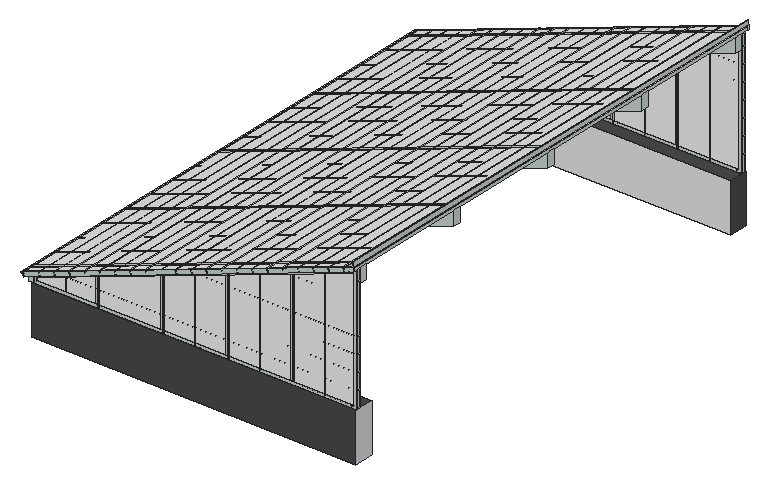
Revit family "Structures Unlimited Shed Skylight", category Generic Models, host Roof, Revit 2018 (continued)
Definition of nested family "Shed Skylight Wall Panels"
  Reference planes (in)
    plane 42: x = -384
    plane 43: x = -408
    plane 44: x = 264
    plane 45: x = 288
    plane 46: x = 312
    plane 47: x = 336
    plane 48: x = 360
    plane 49: x = 384
    plane 50: x = 408
    plane 51: y = 12.25
    plane 52: y = 24.25
    plane 53: y = 36.25
    plane 54: y = 48.25
    plane 55: y = 60.25
    plane 56: y = 72.25
    plane 57: y = 84.25
    plane 58: y = 96.25
    plane 59: y = 108.25
    plane 60: z = 2.876
    plane 61: z = -0.125
    plane 62 "Bot Max": y = -36
    plane 63 "Bot Outside": y = -48
    plane 64: x = -432
    plane 65: x = -456
    plane 66: x = 432
    plane 67: x = 456
    plane 68: y = 120.25
    plane 69: y = 132.25
    plane 70: y = 144.25
    plane 71: y = 156.25
    plane 72: y = 168.25
    plane 73: y = 180.25
    plane 74: y = 192.25
    plane 75: y = 204.25
    plane 76: y = 216.25
    plane 77: y = 228.25
    plane 78: y = 240.25
    plane 79: y = 252.25
    plane 80: y = 264.25
    plane 81: y = 276.25
    plane 82: y = 288.25
    plane 83: y = 300.25
    plane 84: y = 312.25
    plane 85: y = 324.25
    plane 86: y = 336.25
    plane 87: y = 348.25
    plane 88: y = 360.25
    plane 89: y = 372.25
    plane 90: y = 384.25
    plane 91: y = 396.25
    plane 92: y = 408.25
    plane 93: y = 420.25
    plane 94: y = 432.25
    plane 95: y = 444.25
    plane 96: y = 456.25
    plane 97: y = 468.25
    plane 98: y = 480.25
    plane 99: y = 492.25
    plane 100: y = 504.25
    plane 101: y = 516.25
    plane 102: y = 528.25
    plane 103: x = -480
    plane 104: x = -504
    plane 105: x = -528
    plane 106: x = -552
    plane 107: x = -576
    plane 108: x = -600
    plane 109: x = -624
    plane 110: x = -648
    plane 111: x = -672
    plane 112: x = -696
    plane 113: x = -720
    plane 114: x = -744
    plane 115: x = 480
    plane 116: x = 504
    plane 117: x = 552
    plane 118: x = 528
    plane 119: x = 576
    plane 120: x = 600
    plane 121: x = 648
    plane 122: x = 624
    plane 123: x = 672
    plane 124: x = 696
    plane 125: x = 720
    plane 126: x = 744
    plane 127: y = 540.25
    plane 128: y = 552.25
    plane 129: y = 564.25
    plane 130: y = 576.25
    plane 131: y = 588.25
    plane 132: y = 600.25
    plane 133: y = 612.25
    plane 134: y = 624.25
    plane 135: y = 636.25
    plane 136: y = 648.25
    plane 137: y = 660.25
    plane 138: y = 684.25
    plane 139: y = 696.25
    plane 140: y = 672.25
    plane 141: y = 708.25
    plane 142: y = 720.25
    plane 143: y = 744.25
    plane 144: y = 732.25
    plane 145: y = 768.25
    plane 146: y = 756.25
    plane 147: y = 780.25
    plane 148: y = 804.25
    plane 149: y = 792.25
    plane 150: y = 816.25
    plane 151: y = 828.25
    plane 152: y = 840.25
    plane 153: y = 852.25
    plane 154: y = 864.25
    plane 155: y = 876.25
    plane 156: y = 888.25
    plane 157: y = 900.25
    plane 158: y = 912.25
    plane 159: y = 936.25
    plane 160: y = 948.25
    plane 161: y = 960.25
    plane 162: y = 924.25
  Forms (in)
    Extrusion 1, solid
      sketch origin (0, 0, 0) x (1, 0, 0) y (0, 1, 0)
        loop
          line (1076, 0) -> (1076, 1080) -> (-1076, 1080) -> (-1076, 0) -> (1076, 0)
      from 0.063 to 0
    Extrusion 2, solid
      sketch origin (0, 0, 0) x (1, 0, 0) y (0, 1, 0)
        loop
          line (1076, 0) -> (1076, 1080) -> (-1076, 1080) -> (-1076, 0) -> (1076, 0)
      from 2.688 to 2.751
    Sweep 3, solid
      path origin (0, 0, 0) x (1, 0, 0) y (0, 1, 0)
        loop
          line (1076, 1080) -> (1076, 0.25) -> (744, 0.25) -> (744, 1080) -> (720, 1080) -> (720, 0.25) -> (696, 0.25) -> (696, 1080) -> (672, 1080) -> (672, 0.25) -> (648, 0.25) -> (648, 1080) -> (624, 1080) -> (624, 0.25) -> (600, 0.25) -> (600, 1080) -> (576, 1080) -> (576, 0.25) -> (552, 0.25) -> (552, 1080) -> (528, 1080) -> (528, 0.25) -> (504, 0.25) -> (504, 1080) -> (480, 1080) -> (480, 0.25) -> (456, 0.25) -> (456, 1080) -> (432, 1080) -> (432, 0.25) -> (408, 0.25) -> (408, 1080) -> (384, 1080) -> (384, 0.25) -> (360, 0.25) -> (360, 1080) -> (336, 1080) -> (336, 0.25) -> (312, 0.25) -> (312, 1080) -> (288, 1080) -> (288, 0.25) -> (264, 0.25) -> (264, 1080) -> (240, 1080) -> (240, 0.25) -> (216, 0.25) -> (216, 1080) -> (192, 1080) -> (192, 0.25) -> (168, 0.25) -> (168, 1080) -> (144, 1080) -> (144, 0.25) -> (120, 0.25) -> (120, 1080) -> (96, 1080) -> (96, 0.25) -> (72, 0.25) -> (72, 1080) -> (48, 1080) -> (48, 0.25) -> (24, 0.25) -> (24, 1080) -> (0, 1080) -> (0, 0.25) -> (-24, 0.25) -> (-24, 1080) -> (-48, 1080) -> (-48, 0.25) -> (-72, 0.25) -> (-72, 1080) -> (-96, 1080) -> (-96, 0.25) -> (-120, 0.25) -> (-120, 1080) -> (-144, 1080) -> (-144, 0.25) -> (-168, 0.25) -> (-168, 1080) -> (-192, 1080) -> (-192, 0.25) -> (-216, 0.25) -> (-216, 1080) -> (-240, 1080) -> (-240, 0.25) -> (-264, 0.25) -> (-264, 1080) -> (-288, 1080) -> (-288, 0.25) -> (-312, 0.25) -> (-312, 1080) -> (-336, 1080) -> (-336, 0.25) -> (-360, 0.25) -> (-360, 1080) -> (-384, 1080) -> (-384, 0.25) -> (-408, 0.25) -> (-408, 1080) -> (-432, 1080) -> (-432, 0.25) -> (-456, 0.25) -> (-456, 1080) -> (-480, 1080) -> (-480, 0.25) -> (-504, 0.25) -> (-504, 1080) -> (-528, 1080) -> (-528, 0.25) -> (-552, 0.25) -> (-552, 1080) -> (-576, 1080) -> (-576, 0.25) -> (-600, 0.25) -> (-600, 1080) -> (-624, 1080) -> (-624, 0.25) -> (-648, 0.25) -> (-648, 1080) -> (-672, 1080) -> (-672, 0.25) -> (-696, 0.25) -> (-696, 1080) -> (-720, 1080) -> (-720, 0.25) -> (-744, 0.25) -> (-744, 1080) -> (-1076, 1080) -> (-1076, 0.25)
      profile origin (-1076, 540.125, 0) x (1, 0, 0) y (0, 0, 1)
        loop
          line (0.25, 0.063) -> (0.25, 2.688) -> (-0.25, 2.688) -> (-0.25, 0.063) -> (0.25, 0.063)
    Sweep 4, solid
      path origin (0, 0, 0) x (1, 0, 0) y (0, 1, 0)
        loop
          line (1076, 1080) -> (-1076, 1080) -> (-1076, 960.25) -> (1076, 960.25) -> (1076, 948.25) -> (-1076, 948.25) -> (-1076, 936.25) -> (1076, 936.25) -> (1076, 924.25) -> (-1076, 924.25) -> (-1076, 912.25) -> (1076, 912.25) -> (1076, 900.25) -> (-1076, 900.25) -> (-1076, 888.25) -> (1076, 888.25) -> (1076, 876.25) -> (-1076, 876.25) -> (-1076, 864.25) -> (1076, 864.25) -> (1076, 852.25) -> (-1076, 852.25) -> (-1076, 840.25) -> (1076, 840.25) -> (1076, 828.25) -> (-1076, 828.25) -> (-1076, 816.25) -> (1076, 816.25) -> (1076, 804.25) -> (-1076, 804.25) -> (-1076, 792.25) -> (1076, 792.25) -> (1076, 780.25) -> (-1076, 780.25) -> (-1076, 768.25) -> (1076, 768.25) -> (1076, 756.25) -> (-1076, 756.25) -> (-1076, 744.25) -> (1076, 744.25) -> (1076, 732.25) -> (-1076, 732.25) -> (-1076, 720.25) -> (1076, 720.25) -> (1076, 708.25) -> (-1076, 708.25) -> (-1076, 696.25) -> (1076, 696.25) -> (1076, 684.25) -> (-1076, 684.25) -> (-1076, 672.25) -> (1076, 672.25) -> (1076, 660.25) -> (-1076, 660.25) -> (-1076, 648.25) -> (1076, 648.25) -> (1076, 636.25) -> (-1076, 636.25) -> (-1076, 624.25) -> (1076, 624.25) -> (1076, 612.25) -> (-1076, 612.25) -> (-1076, 600.25) -> (1076, 600.25) -> (1076, 588.25) -> (-1076, 588.25) -> (-1076, 576.25) -> (1076, 576.25) -> (1076, 564.25) -> (-1076, 564.25) -> (-1076, 552.25) -> (1076, 552.25) -> (1076, 540.25) -> (-1076, 540.25) -> (-1076, 528.25) -> (1076, 528.25) -> (1076, 516.25) -> (-1076, 516.25) -> (-1076, 504.25) -> (1076, 504.25) -> (1076, 492.25) -> (-1076, 492.25) -> (-1076, 480.25) -> (1076, 480.25) -> (1076, 468.25) -> (-1076, 468.25) -> (-1076, 456.25) -> (1076, 456.25) -> (1076, 444.25) -> (-1076, 444.25) -> (-1076, 432.25) -> (1076, 432.25) -> (1076, 420.25) -> (-1076, 420.25) -> (-1076, 408.25) -> (1076, 408.25) -> (1076, 396.25) -> (-1076, 396.25) -> (-1076, 384.25) -> (1076, 384.25) -> (1076, 372.25) -> (-1076, 372.25) -> (-1076, 360.25) -> (1076, 360.25) -> (1076, 348.25) -> (-1076, 348.25) -> (-1076, 336.25) -> (1076, 336.25) -> (1076, 324.25) -> (-1076, 324.25) -> (-1076, 312.25) -> (1076, 312.25) -> (1076, 300.25) -> (-1076, 300.25) -> (-1076, 288.25) -> (1076, 288.25) -> (1076, 276.25) -> (-1076, 276.25) -> (-1076, 264.25) -> (1076, 264.25) -> (1076, 252.25) -> (-1076, 252.25) -> (-1076, 240.25) -> (1076, 240.25) -> (1076, 228.25) -> (-1076, 228.25) -> (-1076, 216.25) -> (1076, 216.25) -> (1076, 204.25) -> (-1076, 204.25) -> (-1076, 192.25) -> (1076, 192.25) -> (1076, 180.25) -> (-1076, 180.25) -> (-1076, 168.25) -> (1076, 168.25) -> (1076, 156.25) -> (-1076, 156.25) -> (-1076, 144.25) -> (1076, 144.25) -> (1076, 132.25) -> (-1076, 132.25) -> (-1076, 120.25) -> (1076, 120.25) -> (1076, 108.25) -> (-1076, 108.25) -> (-1076, 96.25) -> (1076, 96.25) -> (1076, 84.25) -> (-1076, 84.25) -> (-1076, 72.25) -> (1076, 72.25) -> (1076, 60.25) -> (-1076, 60.25) -> (-1076, 48.25) -> (1076, 48.25) -> (1076, 36.25) -> (-1076, 36.25) -> (-1076, 24.25) -> (1076, 24.25) -> (1076, 12.25) -> (-1076, 12.25) -> (-1076, 0.25) -> (1076, 0.25)
      profile origin (0, 0.25, 0) x (0, 1, 0) y (0, 0, 1)
        loop
          line (-0.25, 2.688) -> (-0.25, 0.063) -> (0.25, 0.063) -> (0.25, 2.688) -> (-0.25, 2.688)
    Extrusion 5, void
      sketch origin (0, 0, 0) x (1, 0, 0) y (0, 1, 0)
        loop
          line (120, -1.75) -> (120, 6) -> (720, 224.38214) -> (720, -1.75) -> (1100, -1.75) -> (1100, 1104) -> (-1100, 1104) -> (-1100, -1.75) -> (120, -1.75)
      from -0.125 to 2.876
    Extrusion 6, void
      sketch origin (0, 0, 0) x (1, 0, 0) y (0, 1, 0)
        loop
          line (-1100, -48) -> (1100, -48) -> (1100, 0) -> (-1100, 0) -> (-1100, -48)
      from -0.125 to 2.876
    Sweep 7, solid, material <- "CRF"
      path origin (0, 0, 0) x (1, 0, 0) y (0, 1, 0)
        loop
          line (-1076, 1080) -> (-1076, -36) -> (-720, -36) -> (-720, 1080) -> (-672, 1080) -> (-672, -36) -> (-624, -36) -> (-624, 1080) -> (-576, 1080) -> (-576, -36) -> (-528, -36) -> (-528, 1080) -> (-480, 1080) -> (-480, -36) -> (-432, -36) -> (-432, 1080) -> (-384, 1080) -> (-384, -36) -> (-336, -36) -> (-336, 1080) -> (-288, 1080) -> (-288, -36) -> (-240, -36) -> (-240, 1080) -> (-192, 1080) -> (-192, -36) -> (-144, -36) -> (-144, 1080) -> (-96, 1080) -> (-96, -36) -> (-48, -36) -> (-48, 1080) -> (0, 1080) -> (0, -36) -> (48, -36) -> (48, 1080) -> (96, 1080) -> (96, -36) -> (144, -36) -> (144, 1080) -> (192, 1080) -> (192, -36) -> (240, -36) -> (240, 1080) -> (288, 1080) -> (288, -36) -> (336, -36) -> (336, 1080) -> (384, 1080) -> (384, -36) -> (432, -36) -> (432, 1080) -> (480, 1080) -> (480, -36) -> (528, -36) -> (528, 1080) -> (576, 1080) -> (576, -36) -> (624, -36) -> (624, 1080) -> (672, 1080) -> (672, -36) -> (720, -36) -> (720, 1080) -> (1076, 1080) -> (1076, -36)
      profile origin (-1076, 522, 0) x (1, 0, 0) y (0, 0, 1)
        loop
          line (-1, 2.876) -> (-1, -0.125) -> (1, -0.125) -> (1, 2.876) -> (-1, 2.876)
    Sweep 8, solid, material <- "CRF"
      path origin (0, 0, 0) x (1, 0, 0) y (0, 1, 0)
        loop
          line (720, 0) -> (720, 224.38214) -> (120, 6) -> (120, 0) -> (720, 0)
      profile origin (420, 0, 0) x (0, -1, 0) y (0, 0, 1)
        loop
          line (-2, 2.9385) -> (-2, 2.751) -> (0, 2.751) -> (0, 2.9385) -> (-2, 2.9385)
        loop
          line (-2, 0) -> (-2, -0.1875) -> (0, -0.1875) -> (0, 0) -> (-2, 0)
  Cuts and joins
    Extrusion 5, Extrusion 6 cuts Sweep 4
    Extrusion 5, Extrusion 6 cuts Sweep 3
    Extrusion 5 cuts Extrusion 2
    Extrusion 5, Extrusion 6 cuts Extrusion 1
    Extrusion 5, Extrusion 6 cuts Sweep 7
  Lines and regions (in)
    reference lines
      curve 1: line (120, 6, 0) -> (418.82225, 114.76241, 0)
  Dimensions and locks (in)
    "Cope Height": plane 1 "Center (Front/Back)" to curve 1
    locked: plane 4 "Left Panel" to curve 1
    "Panel Skin Thickness": plane 6 to plane 2
    "IBeam Thickness": plane 7 to plane 6
    "Panel Skin Thickness": plane 8 to plane 7
    "Overlap Width": plane 1 "Center (Front/Back)" to plane 9
    locked: plane 10 "Left Outside" to plane 3 "Center (Left/Right)" at 1100
    locked: plane 3 "Center (Left/Right)" to plane 11 "Right Outside" at 1100
    "Half IBeam Width": plane 1 "Center (Front/Back)" to plane 12
    locked: plane 1 "Center (Front/Back)" to plane 13 "Max Top PD" at 1080
    equal spacing: Sweep 3 sketch curve, profile plane, Sweep 3 sketch curve
    "IBeam Width": Sweep 3 sketch curve to Sweep 3 sketch curve
    "IBeam Width": Sweep 4 sketch curve to Sweep 4 sketch curve
    equal spacing: Sweep 4 sketch curve, plane 12, Sweep 4 sketch curve
    "Batten Thickness": plane 60 to plane 8
    "Batten Thickness": plane 2 to plane 61
    locked: plane 62 "Bot Max" to plane 1 "Center (Front/Back)" at 36
    locked: plane 63 "Bot Outside" to plane 1 "Center (Front/Back)" at 48
    "Horizontal Grid Spacing": plane 65 to plane 64 to plane 43 to plane 42 to plane 41 to plane 40 to plane 39 to plane 38 to plane 37 to plane 35 to plane 34 to plane 24 to plane 23 to plane 22 to plane 21 to plane 20 to plane 19 to plane 18 to plane 17 to plane 3 "Center (Left/Right)" to plane 25 to plane 26 to plane 27 to plane 28 to plane 29 to plane 30 to plane 31 to plane 32 to plane 33 to plane 36 to plane 44 to plane 45 to plane 46 to plane 47 to plane 48 to plane 49 to plane 50 to plane 66 to plane 67
    "Vertical Grid Spacing": plane 102 to plane 101 to plane 100 to plane 99 to plane 98 to plane 97 to plane 96 to plane 95 to plane 94 to plane 93 to plane 92 to plane 91 to plane 90 to plane 89 to plane 88 to plane 87 to plane 86 to plane 85 to plane 84 to plane 83 to plane 82 to plane 81 to plane 80 to plane 79 to plane 78 to plane 77 to plane 76 to plane 75 to plane 74 to plane 73 to plane 72 to plane 71 to plane 70 to plane 69 to plane 68 to plane 59 to plane 58 to plane 57 to plane 56 to plane 55 to plane 54 to plane 53 to plane 52 to plane 51 to plane 12
    equal spacing: Sweep 7 sketch curve, profile plane, Sweep 7 sketch curve
    "Batten Width": Sweep 7 sketch curve to Sweep 7 sketch curve
    locked: plane 10 "Left Outside" to plane 14 "Max Left PD" at 24
    locked: plane 15 "Max Right PD" to plane 11 "Right Outside" at 24
    locked: plane 16 "Top Outside" to plane 13 "Max Top PD" at 24
    "Horizontal Grid Spacing": plane 114 to plane 113 to plane 112 to plane 111 to plane 110 to plane 109 to plane 108 to plane 107 to plane 106 to plane 105 to plane 104 to plane 103 to plane 65
    "Horizontal Grid Spacing": plane 67 to plane 115 to plane 116 to plane 118 to plane 117 to plane 119 to plane 120 to plane 122 to plane 121 to plane 123 to plane 124 to plane 125 to plane 126
    "Vertical Grid Spacing": plane 102 to plane 127 to plane 128 to plane 129 to plane 130 to plane 131 to plane 132 to plane 133 to plane 134 to plane 135 to plane 136 to plane 137 to plane 140 to plane 138 to plane 139 to plane 141 to plane 142 to plane 144 to plane 143 to plane 146 to plane 145 to plane 147
    "Vertical Grid Spacing": plane 147 to plane 149 to plane 148 to plane 150 to plane 151 to plane 152 to plane 153 to plane 154 to plane 155 to plane 156 to plane 157 to plane 158 to plane 162 to plane 159 to plane 160 to plane 161
    "Batten Width": Sweep 8 sketch curve to Sweep 8 sketch curve  (x2)
    locked: Sweep 8 sketch curve to Sweep 8 sketch curve at 0.1875  (x2)
    "Horizontal PD": plane 4 "Left Panel" to plane 5 "Right Panel"
    "Roof Pitch": angle plane 1 "Center (Front/Back)" to curve 1
    aligned and locked: level to plane 2
    aligned and locked: Extrusion 1 sketch curve to plane 1 "Center (Front/Back)"
    aligned and locked: plane 2 to Extrusion 1
    aligned and locked: Extrusion 1 to plane 6
    aligned and locked: Extrusion 2 to plane 7
    aligned and locked: Extrusion 2 to plane 8
    aligned and locked: Sweep 3 sketch curve to plane 14 "Max Left PD"
    aligned and locked: Sweep 3 sketch curve to plane 13 "Max Top PD"  (x30)
    aligned and locked: Sweep 3 sketch curve to plane 42
    aligned and locked: Sweep 3 sketch curve to plane 41
    aligned and locked: Sweep 3 sketch curve to plane 40
    aligned and locked: Sweep 3 sketch curve to plane 39
    aligned and locked: Sweep 3 sketch curve to plane 38
    aligned and locked: Sweep 3 sketch curve to plane 37
    aligned and locked: Sweep 3 sketch curve to plane 35
    aligned and locked: Sweep 3 sketch curve to plane 34
    aligned and locked: Sweep 3 sketch curve to plane 24
    aligned and locked: Sweep 3 sketch curve to plane 23
    aligned and locked: Sweep 3 sketch curve to plane 22
    aligned and locked: Sweep 3 sketch curve to plane 21
    aligned and locked: Sweep 3 sketch curve to plane 20
    aligned and locked: Sweep 3 sketch curve to plane 19
    aligned and locked: Sweep 3 sketch curve to plane 18
    aligned and locked: Sweep 3 sketch curve to plane 17
    aligned and locked: Sweep 3 sketch curve to plane 3 "Center (Left/Right)"
    aligned and locked: Sweep 3 sketch curve to plane 25
    aligned and locked: Sweep 3 sketch curve to plane 26
    aligned and locked: Sweep 3 sketch curve to plane 27
    aligned and locked: Sweep 3 sketch curve to plane 28
    aligned and locked: Sweep 3 sketch curve to plane 29
    aligned and locked: Sweep 3 sketch curve to plane 30
    aligned and locked: Sweep 3 sketch curve to plane 31
    aligned and locked: Sweep 3 sketch curve to plane 32
    aligned and locked: Sweep 3 sketch curve to plane 33
    aligned and locked: Sweep 3 sketch curve to plane 36
    aligned and locked: Sweep 3 sketch curve to plane 44
    aligned and locked: Sweep 3 sketch curve to plane 45
    aligned and locked: Sweep 3 sketch curve to plane 46
    aligned and locked: Sweep 3 sketch curve to plane 47
    aligned and locked: Sweep 3 sketch curve to plane 48
    aligned and locked: Sweep 3 sketch curve to plane 49
    aligned and locked: Sweep 3 sketch curve to plane 50
    aligned and locked: Sweep 3 sketch curve to plane 12  (x32)
    aligned and locked: plane 12 to Sweep 3 sketch curve
    aligned and locked: Sweep 3 sketch curve to plane 7
    aligned and locked: plane 6 to Sweep 3 sketch curve
    aligned and locked: Extrusion 2 sketch curve to plane 15 "Max Right PD"
    aligned and locked: plane 14 "Max Left PD" to Extrusion 2 sketch curve
    aligned and locked: Extrusion 2 sketch curve to plane 13 "Max Top PD"
    aligned and locked: Extrusion 1 sketch curve to plane 13 "Max Top PD"
    aligned and locked: Extrusion 1 sketch curve to plane 14 "Max Left PD"
    aligned and locked: Extrusion 1 sketch curve to plane 15 "Max Right PD"
    aligned and locked: Sweep 4 sketch curve to plane 12
    aligned and locked: Sweep 4 sketch curve to plane 51
    aligned and locked: Sweep 4 sketch curve to plane 52
    aligned and locked: Sweep 4 sketch curve to plane 53
    aligned and locked: Sweep 4 sketch curve to plane 54
    aligned and locked: Sweep 4 sketch curve to plane 55
    aligned and locked: Sweep 4 sketch curve to plane 56
    aligned and locked: Sweep 4 sketch curve to plane 57
    aligned and locked: Sweep 4 sketch curve to plane 58
    aligned and locked: Sweep 4 sketch curve to plane 59
    aligned and locked: Sweep 4 sketch curve to plane 13 "Max Top PD"
    aligned and locked: plane 15 "Max Right PD" to Sweep 4 sketch curve
    aligned and locked: plane 14 "Max Left PD" to Sweep 4 sketch curve  (x41)
    aligned and locked: Sweep 4 sketch curve to plane 15 "Max Right PD"  (x41)
    aligned and locked: plane 6 to Sweep 4 sketch curve
    aligned and locked: Sweep 4 sketch curve to plane 7
    aligned and locked: Extrusion 5 sketch curve to plane 16 "Top Outside"
    aligned and locked: plane 9 to Extrusion 5 sketch curve
    aligned and locked: Extrusion 5 sketch curve to plane 9
    aligned and locked: Extrusion 5 sketch curve to curve 1
    aligned and locked: Extrusion 5 sketch curve to plane 11 "Right Outside"
    aligned and locked: plane 10 "Left Outside" to Extrusion 5 sketch curve
    aligned and locked: Extrusion 5 to plane 61
    aligned and locked: Extrusion 5 to plane 60
    aligned and locked: Extrusion 6 sketch curve to plane 1 "Center (Front/Back)"
    aligned and locked: plane 11 "Right Outside" to Extrusion 6 sketch curve
    aligned and locked: Extrusion 6 sketch curve to plane 10 "Left Outside"
    aligned and locked: Extrusion 6 sketch curve to plane 63 "Bot Outside"
    aligned and locked: plane 61 to Extrusion 6
    aligned and locked: plane 60 to Extrusion 6
    aligned and locked: Sweep 3 sketch curve to plane 65
    aligned and locked: Sweep 3 sketch curve to plane 64
    aligned and locked: Sweep 3 sketch curve to plane 43
    aligned and locked: Sweep 3 sketch curve to plane 66
    aligned and locked: Sweep 3 sketch curve to plane 67
    aligned and locked: Sweep 3 sketch curve to plane 15 "Max Right PD"
    aligned and locked: Sweep 4 sketch curve to plane 68
    aligned and locked: Sweep 4 sketch curve to plane 69
    aligned and locked: Sweep 4 sketch curve to plane 70
    aligned and locked: Sweep 4 sketch curve to plane 71
    aligned and locked: Sweep 4 sketch curve to plane 72
    aligned and locked: Sweep 4 sketch curve to plane 73
    aligned and locked: Sweep 4 sketch curve to plane 74
    aligned and locked: Sweep 4 sketch curve to plane 75
    aligned and locked: Sweep 4 sketch curve to plane 76
    aligned and locked: Sweep 4 sketch curve to plane 77
    aligned and locked: Sweep 4 sketch curve to plane 78
    aligned and locked: Sweep 4 sketch curve to plane 79
    aligned and locked: Sweep 4 sketch curve to plane 80
    aligned and locked: Sweep 4 sketch curve to plane 81
    aligned and locked: Sweep 4 sketch curve to plane 82
    aligned and locked: Sweep 4 sketch curve to plane 83
    aligned and locked: Sweep 4 sketch curve to plane 84
    aligned and locked: Sweep 4 sketch curve to plane 85
    aligned and locked: Sweep 4 sketch curve to plane 86
    aligned and locked: Sweep 4 sketch curve to plane 87
    aligned and locked: Sweep 4 sketch curve to plane 88
    aligned and locked: Sweep 4 sketch curve to plane 89
    aligned and locked: Sweep 4 sketch curve to plane 90
    aligned and locked: Sweep 4 sketch curve to plane 91
    aligned and locked: Sweep 4 sketch curve to plane 92
    aligned and locked: Sweep 4 sketch curve to plane 93
    aligned and locked: Sweep 4 sketch curve to plane 94
    aligned and locked: Sweep 4 sketch curve to plane 95
    aligned and locked: Sweep 4 sketch curve to plane 96
    aligned and locked: Sweep 4 sketch curve to plane 97
    aligned and locked: Sweep 4 sketch curve to plane 98
    aligned and locked: Sweep 4 sketch curve to plane 99
    aligned and locked: Sweep 4 sketch curve to plane 100
    aligned and locked: Sweep 4 sketch curve to plane 101
    aligned and locked: Sweep 4 sketch curve to plane 102
    aligned and locked: Sweep 7 sketch curve to plane 14 "Max Left PD"
    aligned and locked: Sweep 7 sketch curve to plane 42
    aligned and locked: Sweep 7 sketch curve to plane 38
    aligned and locked: Sweep 7 sketch curve to plane 24
    aligned and locked: Sweep 7 sketch curve to plane 20
    aligned and locked: Sweep 7 sketch curve to plane 3 "Center (Left/Right)"
    aligned and locked: Sweep 7 sketch curve to plane 28
    aligned and locked: Sweep 7 sketch curve to plane 32
    aligned and locked: Sweep 7 sketch curve to plane 45
    aligned and locked: Sweep 7 sketch curve to plane 49
    aligned and locked: Sweep 7 sketch curve to plane 15 "Max Right PD"
    aligned and locked: Sweep 7 sketch curve to plane 13 "Max Top PD"  (x14)
    aligned and locked: Sweep 7 sketch curve to plane 62 "Bot Max"  (x10)
    aligned and locked: plane 61 to Sweep 7 sketch curve
    aligned and locked: Sweep 7 sketch curve to plane 60
    aligned and locked: Sweep 3 sketch curve to plane 103
    aligned and locked: Sweep 3 sketch curve to plane 104
    aligned and locked: Sweep 3 sketch curve to plane 105
    aligned and locked: Sweep 3 sketch curve to plane 106
    aligned and locked: Sweep 3 sketch curve to plane 107
    aligned and locked: Sweep 3 sketch curve to plane 108
    aligned and locked: Sweep 3 sketch curve to plane 109
    aligned and locked: Sweep 3 sketch curve to plane 110
    aligned and locked: Sweep 3 sketch curve to plane 111
    aligned and locked: Sweep 3 sketch curve to plane 112
    aligned and locked: Sweep 3 sketch curve to plane 113
    aligned and locked: Sweep 3 sketch curve to plane 114
    aligned and locked: Sweep 3 sketch curve to plane 115
    aligned and locked: Sweep 3 sketch curve to plane 116
    aligned and locked: Sweep 3 sketch curve to plane 118
    aligned and locked: Sweep 3 sketch curve to plane 117
    aligned and locked: Sweep 3 sketch curve to plane 119
    aligned and locked: Sweep 3 sketch curve to plane 120
    aligned and locked: Sweep 3 sketch curve to plane 122
    aligned and locked: Sweep 3 sketch curve to plane 121
    aligned and locked: Sweep 3 sketch curve to plane 123
    aligned and locked: Sweep 3 sketch curve to plane 124
    aligned and locked: Sweep 3 sketch curve to plane 125
    aligned and locked: Sweep 3 sketch curve to plane 126
    aligned and locked: plane 13 "Max Top PD" to Sweep 3 sketch curve  (x3)
    aligned and locked: Sweep 4 sketch curve to plane 127
    aligned and locked: Sweep 4 sketch curve to plane 128
    aligned and locked: Sweep 4 sketch curve to plane 129
    aligned and locked: Sweep 4 sketch curve to plane 130
    aligned and locked: Sweep 4 sketch curve to plane 131
    aligned and locked: Sweep 4 sketch curve to plane 132
    aligned and locked: Sweep 4 sketch curve to plane 133
    aligned and locked: Sweep 4 sketch curve to plane 134
    aligned and locked: Sweep 4 sketch curve to plane 135
    aligned and locked: Sweep 4 sketch curve to plane 136
    aligned and locked: Sweep 4 sketch curve to plane 137
    aligned and locked: Sweep 4 sketch curve to plane 140
    aligned and locked: Sweep 4 sketch curve to plane 138
    aligned and locked: Sweep 4 sketch curve to plane 139
    aligned and locked: Sweep 4 sketch curve to plane 141
    aligned and locked: Sweep 4 sketch curve to plane 142
    aligned and locked: Sweep 4 sketch curve to plane 144
    aligned and locked: Sweep 4 sketch curve to plane 143
    aligned and locked: Sweep 4 sketch curve to plane 146
    aligned and locked: Sweep 4 sketch curve to plane 145
    aligned and locked: Sweep 4 sketch curve to plane 147
    aligned and locked: Sweep 4 sketch curve to plane 149
    aligned and locked: Sweep 4 sketch curve to plane 148
    aligned and locked: Sweep 4 sketch curve to plane 150
    aligned and locked: Sweep 4 sketch curve to plane 151
    aligned and locked: Sweep 4 sketch curve to plane 152
    aligned and locked: Sweep 4 sketch curve to plane 153
    aligned and locked: Sweep 4 sketch curve to plane 154
    aligned and locked: Sweep 4 sketch curve to plane 155
    aligned and locked: Sweep 4 sketch curve to plane 156
    aligned and locked: Sweep 4 sketch curve to plane 157
    aligned and locked: Sweep 4 sketch curve to plane 158
    aligned and locked: Sweep 4 sketch curve to plane 162
    aligned and locked: Sweep 4 sketch curve to plane 159
    aligned and locked: Sweep 4 sketch curve to plane 160
    aligned and locked: Sweep 4 sketch curve to plane 161
    aligned and locked: Sweep 7 sketch curve to plane 103
    aligned and locked: Sweep 7 sketch curve to plane 107
    aligned and locked: Sweep 7 sketch curve to plane 111
    aligned and locked: Sweep 7 sketch curve to plane 115
    aligned and locked: Sweep 7 sketch curve to plane 119
    aligned and locked: Sweep 7 sketch curve to plane 123
    aligned and locked: plane 62 "Bot Max" to Sweep 7 sketch curve  (x7)
    aligned and locked: plane 13 "Max Top PD" to Sweep 7 sketch curve  (x4)
    aligned and locked: Extrusion 2 sketch curve to plane 1 "Center (Front/Back)"
    aligned and locked: Extrusion 5 sketch curve to plane 4 "Left Panel"
    aligned and locked: Extrusion 5 sketch curve to plane 5 "Right Panel"
    aligned and locked: Sweep 7 sketch curve to plane 113
    aligned and locked: Sweep 7 sketch curve to plane 109
    aligned and locked: Sweep 7 sketch curve to plane 105
    aligned and locked: Sweep 7 sketch curve to plane 64
    aligned and locked: Sweep 7 sketch curve to plane 40
    aligned and locked: Sweep 7 sketch curve to plane 35
    aligned and locked: Sweep 7 sketch curve to plane 22
    aligned and locked: Sweep 7 sketch curve to plane 18
    aligned and locked: Sweep 7 sketch curve to plane 26
    aligned and locked: Sweep 7 sketch curve to plane 30
    aligned and locked: Sweep 7 sketch curve to plane 36
    aligned and locked: Sweep 7 sketch curve to plane 47
    aligned and locked: Sweep 7 sketch curve to plane 66
    aligned and locked: Sweep 7 sketch curve to plane 118
    aligned and locked: Sweep 7 sketch curve to plane 122
    aligned and locked: Sweep 7 sketch curve to plane 125
    aligned and locked: Sweep 8 sketch curve to plane 1 "Center (Front/Back)"
    aligned and locked: Sweep 8 sketch curve to plane 4 "Left Panel"
    aligned and locked: Sweep 8 sketch curve to curve 1
    aligned and locked: Sweep 8 sketch curve to plane 5 "Right Panel"
    aligned and locked: profile plane to Sweep 8 sketch curve  (x2)
    aligned and locked: Sweep 8 sketch curve to profile plane
    aligned and locked: plane 8 to Sweep 8 sketch curve
    aligned and locked: plane 5 "Right Panel" to plane 125
  Automatic sketch dimensions
    Sweep 3 sketch curve to plane 112 = 0' - 0"
Definition of nested family "Shed Skylight Framing"
  Parameters (values of type "Shed Skylight Framing")
    Void Width [instance] = Bay Spacing - Beam Width  # 7' - 7"
    Void Offset [instance] = if(Even Bays, Bay Spacing / 2, 0' 0")  # 4' - 0"
    Roof Pitch [instance] = 20.00°
    OCD Span [instance] = 15' - 0"
    OCD Length [instance] = 29' - 2"
    KCRF [instance] = none
    Even Bays [instance] = yes
    Cope Height [instance] = 0' - 6"
    Beam Width [instance] = 0' - 5"
    Beam Height [instance] = 0' - 10"
    Bay Spacing [instance] = 8' - 0"
  Reference planes (in)
    plane 1 "Center (Front/Back)": y = 0
    plane 2: z = 0
    plane 3 "Center (Left/Right)": x = 0
    plane 4: y = 175
    plane 5: y = -175
    plane 6: x = -90
    plane 7: x = 90
    plane 8: x = -89
    plane 9: y = -171.5
    plane 10: y = 171.5
    plane 11: z = 6
    plane 12: y = -48
    plane 13: y = 48
    plane 14: y = 144
    plane 15: y = -144
    plane 16: y = 240
    plane 17: y = 336
    plane 18: y = -240
    plane 19: y = -336
    plane 20: y = 432
    plane 21: y = 528
    plane 22: y = 624
    plane 23: y = 720
    plane 24: y = 816
    plane 25: y = 912
    plane 26: y = 1008
    plane 27: y = 1104
    plane 28: y = 1296
    plane 29: y = 1200
    plane 30: y = 1392
    plane 31: y = 1488
    plane 32: y = 1584
    plane 33: y = 1680
    plane 34: y = 1776
    plane 35: y = -432
    plane 36: y = -528
    plane 37: y = -624
    plane 38: y = -720
    plane 39: y = -816
    plane 40: y = -912
    plane 41: y = -1008
    plane 42: y = -1104
    plane 43: y = -1200
    plane 44: y = -1296
    plane 45: y = -1392
    plane 46: y = -1488
    plane 47: y = -1584
    plane 48: y = -1776
    plane 49: y = -1680
    plane 50: x = -2500
    plane 51: x = 2500
    plane 52: y = -1872
    plane 53: y = -1968
    plane 54: y = -2064
    plane 55: y = -2160
    plane 56: y = -2256
    plane 57: y = 1872
    plane 58: y = 1968
    plane 59: y = 2064
    plane 60: y = 2160
    plane 61: y = 2256
    plane 62: z = 1000
  Forms (in)
    Sweep 1, void
      path origin (0, 0, 0) x (1, 0, 0) y (0, 1, 0)
        loop
          line (2500, -2256) -> (-2500, -2256) -> (-2500, -2160) -> (2500, -2160) -> (2500, -2064) -> (-2500, -2064) -> (-2500, -1968) -> (2500, -1968) -> (2500, -1872) -> (-2500, -1872) -> (-2500, -1776) -> (2500, -1776) -> (2500, -1680) -> (-2500, -1680) -> (-2500, -1584) -> (2500, -1584) -> (2500, -1488) -> (-2500, -1488) -> (-2500, -1392) -> (2500, -1392) -> (2500, -1296) -> (-2500, -1296) -> (-2500, -1200) -> (2500, -1200) -> (2500, -1104) -> (-2500, -1104) -> (-2500, -1008) -> (2500, -1008) -> (2500, -912) -> (-2500, -912) -> (-2500, -816) -> (2500, -816) -> (2500, -720) -> (-2500, -720) -> (-2500, -624) -> (2500, -624) -> (2500, -528) -> (-2500, -528) -> (-2500, -432) -> (2500, -432) -> (2500, -336) -> (-2500, -336) -> (-2500, -240) -> (2500, -240) -> (2500, -144) -> (-2500, -144) -> (-2500, -48) -> (2500, -48)
      profile origin (0, -48, 0) x (0, 1, 0) y (0, 0, 1)
        loop
          line (45.5, 1000) -> (-45.5, 1000) -> (-45.5, 0) -> (45.5, 0) -> (45.5, 1000)
    Sweep 2, void
      path origin (0, 0, 0) x (1, 0, 0) y (0, 1, 0)
        loop
          line (2500, 2256) -> (-2500, 2256) -> (-2500, 2160) -> (2500, 2160) -> (2500, 2064) -> (-2500, 2064) -> (-2500, 1968) -> (2500, 1968) -> (2500, 1872) -> (-2500, 1872) -> (-2500, 1776) -> (2500, 1776) -> (2500, 1680) -> (-2500, 1680) -> (-2500, 1584) -> (2500, 1584) -> (2500, 1488) -> (-2500, 1488) -> (-2500, 1392) -> (2500, 1392) -> (2500, 1296) -> (-2500, 1296) -> (-2500, 1200) -> (2500, 1200) -> (2500, 1104) -> (-2500, 1104) -> (-2500, 1008) -> (2500, 1008) -> (2500, 912) -> (-2500, 912) -> (-2500, 816) -> (2500, 816) -> (2500, 720) -> (-2500, 720) -> (-2500, 624) -> (2500, 624) -> (2500, 528) -> (-2500, 528) -> (-2500, 432) -> (2500, 432) -> (2500, 336) -> (-2500, 336) -> (-2500, 240) -> (2500, 240) -> (2500, 144) -> (-2500, 144) -> (-2500, 48) -> (2500, 48)
      profile origin (0, 48, 0) x (0, 1, 0) y (0, 0, 1)
        loop
          line (-45.5, 0) -> (45.5, 0) -> (45.5, 1000) -> (-45.5, 1000) -> (-45.5, 0)
    Extrusion 3, solid, material <- "KCRF"
      sketch origin (0, 0, 0) x (1, 0, 0) y (0, 0, 1)
        loop
          line (-76.24682, 0) -> (90, 60.50889) -> (90, 71.15067) -> (-89, 6) -> (-89, 0) -> (-76.24682, 0)
      from -171.5 to 171.5
  Cuts and joins
    Sweep 1, Sweep 2 cuts Extrusion 3
  Lines and regions (in)
    reference lines
      curve 1: line (-89, 0, 6) -> (221.09856, 0, 118.86665)
      curve 2: line (-113.87422, 0, -13.69525) -> (213.13881, 0, 105.32776)
  Dimensions and locks (in)
    equal spacing: plane 6, plane 3 "Center (Left/Right)", plane 7
    equal spacing: plane 4, plane 1 "Center (Front/Back)", plane 5
    "OCD Length": plane 4 to plane 5
    "OCD Span": plane 6 to plane 7
    locked: plane 10 to plane 4 at 3.5
    locked: plane 9 to plane 5 at 3.5
    locked: plane 6 to plane 8 at 1
    "Cope Height": plane 11 to plane 2
    locked: curve 1 to plane 11 at 0
    locked: curve 1 to plane 8
    "Beam Height": curve 2 to curve 1
    "Void Offset": plane 1 "Center (Front/Back)" to plane 13
    "Void Offset": plane 12 to plane 1 "Center (Front/Back)"
    "Bay Spacing": plane 17 to plane 16 to plane 14 to plane 13
    "Bay Spacing": plane 12 to plane 15 to plane 18 to plane 19
    "Bay Spacing": plane 48 to plane 49 to plane 47 to plane 46 to plane 45 to plane 44 to plane 43 to plane 42 to plane 41 to plane 40 to plane 39 to plane 38 to plane 37 to plane 36 to plane 35 to plane 19
    "Bay Spacing": plane 17 to plane 20 to plane 21 to plane 22 to plane 23 to plane 24 to plane 25 to plane 26 to plane 27 to plane 29
    "Bay Spacing": plane 29 to plane 28 to plane 30 to plane 31 to plane 32 to plane 33 to plane 34
    "Bay Spacing": plane 56 to plane 55 to plane 54 to plane 53 to plane 52 to plane 48
    "Bay Spacing": plane 61 to plane 60 to plane 59 to plane 58 to plane 57 to plane 34
    equal spacing: plane 50, plane 3 "Center (Left/Right)", plane 51
    locked: plane 50 to plane 3 "Center (Left/Right)" at 2500
    equal spacing: Sweep 1 sketch curve, profile plane, Sweep 1 sketch curve
    "Void Width": Sweep 1 sketch curve to Sweep 1 sketch curve
    locked: plane 62 to plane 2 at 1000
    equal spacing: Sweep 2 sketch curve, profile plane, Sweep 2 sketch curve
    "Void Width": Sweep 2 sketch curve to Sweep 2 sketch curve
    "Roof Pitch": angle plane 2 to curve 1
    "Roof Pitch": angle plane 2 to curve 2
    aligned and locked: plane 2 to level
    aligned and locked: Sweep 1 sketch curve to plane 12
    aligned and locked: Sweep 1 sketch curve to plane 15
    aligned and locked: Sweep 1 sketch curve to plane 18
    aligned and locked: Sweep 1 sketch curve to plane 19
    aligned and locked: Sweep 1 sketch curve to plane 35
    aligned and locked: Sweep 1 sketch curve to plane 36
    aligned and locked: Sweep 1 sketch curve to plane 37
    aligned and locked: Sweep 1 sketch curve to plane 38
    aligned and locked: Sweep 1 sketch curve to plane 39
    aligned and locked: Sweep 1 sketch curve to plane 40
    aligned and locked: Sweep 1 sketch curve to plane 41
    aligned and locked: Sweep 1 sketch curve to plane 42
    aligned and locked: Sweep 1 sketch curve to plane 43
    aligned and locked: Sweep 1 sketch curve to plane 44
    aligned and locked: Sweep 1 sketch curve to plane 45
    aligned and locked: Sweep 1 sketch curve to plane 46
    aligned and locked: Sweep 1 sketch curve to plane 47
    aligned and locked: Sweep 1 sketch curve to plane 49
    aligned and locked: Sweep 1 sketch curve to plane 48
    aligned and locked: Sweep 1 sketch curve to plane 52
    aligned and locked: Sweep 1 sketch curve to plane 53
    aligned and locked: Sweep 1 sketch curve to plane 54
    aligned and locked: Sweep 1 sketch curve to plane 55
    aligned and locked: Sweep 1 sketch curve to plane 56
    aligned and locked: Sweep 1 sketch curve to plane 50  (x12)
    aligned and locked: plane 51 to Sweep 1 sketch curve  (x2)
    aligned and locked: Sweep 1 sketch curve to plane 51  (x11)
    aligned and locked: profile plane to Sweep 1 sketch curve
    aligned and locked: Sweep 1 sketch curve to plane 62
    aligned and locked: Sweep 2 sketch curve to plane 13
    aligned and locked: Sweep 2 sketch curve to plane 14
    aligned and locked: Sweep 2 sketch curve to plane 16
    aligned and locked: Sweep 2 sketch curve to plane 17
    aligned and locked: Sweep 2 sketch curve to plane 20
    aligned and locked: Sweep 2 sketch curve to plane 21
    aligned and locked: Sweep 2 sketch curve to plane 22
    aligned and locked: Sweep 2 sketch curve to plane 23
    aligned and locked: Sweep 2 sketch curve to plane 24
    aligned and locked: Sweep 2 sketch curve to plane 25
    aligned and locked: Sweep 2 sketch curve to plane 26
    aligned and locked: Sweep 2 sketch curve to plane 27
    aligned and locked: Sweep 2 sketch curve to plane 29
    aligned and locked: Sweep 2 sketch curve to plane 28
    aligned and locked: Sweep 2 sketch curve to plane 30
    aligned and locked: Sweep 2 sketch curve to plane 31
    aligned and locked: Sweep 2 sketch curve to plane 32
    aligned and locked: Sweep 2 sketch curve to plane 33
    aligned and locked: Sweep 2 sketch curve to plane 34
    aligned and locked: Sweep 2 sketch curve to plane 57
    aligned and locked: Sweep 2 sketch curve to plane 58
    aligned and locked: Sweep 2 sketch curve to plane 59
    aligned and locked: Sweep 2 sketch curve to plane 60
    aligned and locked: Sweep 2 sketch curve to plane 61
    aligned and locked: plane 50 to Sweep 2 sketch curve  (x12)
    aligned and locked: plane 51 to Sweep 2 sketch curve  (x13)
    aligned and locked: Sweep 2 sketch curve to profile plane
    aligned and locked: plane 62 to Sweep 2 sketch curve
    aligned and locked: curve 2 to Extrusion 3 sketch curve
    aligned and locked: Extrusion 3 sketch curve to curve 1
    aligned and locked: Extrusion 3 sketch curve to plane 8
    aligned and locked: Sweep 1 to Extrusion 3 sketch curve
    aligned and locked: Extrusion 3 to plane 9
    aligned and locked: Extrusion 3 to plane 10
    aligned and locked: Extrusion 3 sketch curve to plane 7
  Automatic sketch dimensions
    curve 2 to curve 1 = 0' - 7.95975"
Definition of nested family "Shed Skylight Ridge Cover"
  Parameters (values of type "Shed Skylight Ridge Cover")
    Top Of Rafter [instance] = Cope Height + (OCD Span - 0' 1") * tan(Roof Pitch)  # 8' - 6.19376"
    Top Of RCE [instance] = 0' 2.938" / cos(Roof Pitch) + 0' 3"  # 0' - 6.04164"
    Roof Pitch [instance] = 15.00°
    RCE Offset [instance] = 0' 2 3/4" * tan(Roof Pitch) + 0' 1" / cos(Roof Pitch) + 0' 2"  # 0' - 3.77214"
    OCD Span [instance] = 30' - 0"
    OCD Length [instance] = 80' - 0"
    Cope Height [instance] = 0' - 6"
    CRF [instance] = none
  Reference planes (in)
    plane 1 "Center (Front/Back)": y = 0
    plane 2 "Top Of Curb": z = 0
    plane 3 "Center (Left/Right)": x = 0
    plane 4 "Top Of Rafter": z = 102.19376
    plane 5: x = -480
    plane 6: x = 480
    plane 7: x = -482.5
    plane 8: x = 482.5
    plane 9: z = 108.2354
    plane 10: z = 103.94376
    plane 11: y = 0.1875
  Forms (in)
    Extrusion 1, solid, material <- "CRF"
      sketch origin (0, 0, 0) x (0, 1, 0) y (0, 0, 1)
        loop
          line (0.1875, 103.94376) -> (0, 103.94376) -> (0, 101.99965) -> (3.33221, 101.10678) -> (3.38074, 101.28789) -> (0.1875, 102.14352) -> (0.1875, 103.94376)
      from -482.5 to 482.5
    Extrusion 2, solid, material <- "CRF"
      sketch origin (0, 0, 0) x (0, 1, 0) y (0, 0, 1)
        loop
          line (4.35536, 103.87376) -> (4.40388, 104.05487) -> (0.1875, 105.18464) -> (0.1875, 108.2354) -> (0, 108.2354) -> (0, 105.04077) -> (4.35536, 103.87376)
      from -482.5 to 482.5
  Lines and regions (in)
    reference lines
      curve 1: line (0, 0, 102.19376) -> (0, 145.8548, 63.11208)
      curve 2: line (0, 174.10149, 58.58453) -> (0, -121.47181, 137.78316)
      curve 3: line (0, -152.43389, 142.84418) -> (0, 189.50385, 51.22224)
      curve 4: line (0, 186.02677, 55.19505) -> (0, -109.54654, 134.39368)
      curve 5: line (0, 0, 102.19376) -> (0, 91.62194, 444.1315)
      curve 6: line (0, 101.57958, 467.77094) -> (0, -8.67734, 56.28654)
      curve 7: line (0, -12.18776, 42.13402) -> (0, 122.27246, 543.94639)
  Dimensions and locks (in)
    "Top Of Rafter": plane 4 "Top Of Rafter" to plane 2 "Top Of Curb"
    "OCD Length": plane 5 to plane 6
    equal spacing: plane 5, plane 3 "Center (Left/Right)", plane 6
    locked: plane 7 to plane 5 at 2.5
    locked: plane 6 to plane 8 at 2.5
    locked: curve 1 to plane 1 "Center (Front/Back)" at 0
    locked: plane 4 "Top Of Rafter" to curve 1 at 0
    locked: curve 1 to curve 3 at 0.1875
    locked: curve 4 to curve 1 at 2.75
    locked: curve 4 to curve 2 at 0.1875
    locked: plane 10 to plane 4 "Top Of Rafter" at 1.75
    "Top Of RCE": plane 9 to plane 4 "Top Of Rafter"
    locked: plane 11 to plane 1 "Center (Front/Back)" at 0.1875
    locked: curve 6 to curve 5 at 3.5
    "RCE Offset": curve 5 to curve 7
    "Roof Pitch": angle plane 2 "Top Of Curb" to curve 3
    "Roof Pitch": angle plane 2 "Top Of Curb" to curve 1
    "Roof Pitch": angle plane 2 "Top Of Curb" to curve 2
    "Roof Pitch": angle plane 2 "Top Of Curb" to curve 4
    "Roof Pitch": angle plane 1 "Center (Front/Back)" to curve 5
    "Roof Pitch": angle plane 1 "Center (Front/Back)" to curve 6
    "Roof Pitch": angle plane 1 "Center (Front/Back)" to curve 7
    aligned and locked: plane 2 "Top Of Curb" to level
    aligned and locked: plane 10 to Extrusion 1 sketch curve
    aligned and locked: plane 11 to Extrusion 1 sketch curve
    aligned and locked: plane 1 "Center (Front/Back)" to Extrusion 1 sketch curve
    aligned and locked: curve 3 to Extrusion 1 sketch curve
    aligned and locked: curve 1 to Extrusion 1 sketch curve
    aligned and locked: curve 6 to Extrusion 1 sketch curve
    aligned and locked: curve 7 to Extrusion 2 sketch curve
    aligned and locked: curve 4 to Extrusion 2 sketch curve
    aligned and locked: curve 2 to Extrusion 2 sketch curve
    aligned and locked: plane 11 to Extrusion 2 sketch curve
    aligned and locked: plane 1 "Center (Front/Back)" to Extrusion 2 sketch curve
    aligned and locked: plane 9 to Extrusion 2 sketch curve
    aligned and locked: Extrusion 2 to plane 7
    aligned and locked: Extrusion 1 to plane 7
    aligned and locked: plane 8 to Extrusion 2
    aligned and locked: plane 8 to Extrusion 1
  Automatic sketch dimensions
    plane 1 "Center (Front/Back)" to curve 7 = 1' - 0.18776"
    plane 9 to curve 4 = 2' - 2.15827"
    plane 9 to curve 2 = 2' - 5.54776"
    plane 9 to curve 3 = 2' - 10.60878"
    curve 7 to curve 6 = 1' - 2.15252"
Types (14): name | KCRF
  (no name) | KCRF Aluminum #79
  KCRF Aluminum #79 | KCRF Aluminum #79
  KCRF Banner Red #90 | KCRF Banner Red #90
  KCRF Black #95 | KCRF Black #95
  KCRF Blue #15 | KCRF Blue #15
  KCRF Bone White #21B | KCRF Bone White #21B
  KCRF Brick #88 | KCRF Brick #88
  KCRF Bronze #85 | KCRF Bronze #85
  KCRF Coro Blue #48 | KCRF Coro Blue #48
  KCRF Gray #80 | KCRF Gray #80
  KCRF Hartford Green #75 | KCRF Hartford Green #75
  KCRF Minuette #03 | KCRF Minuette #03
  KCRF Mountain Green #70 | KCRF Mountain Green #70
  KCRF White #00 | KCRF White #00
